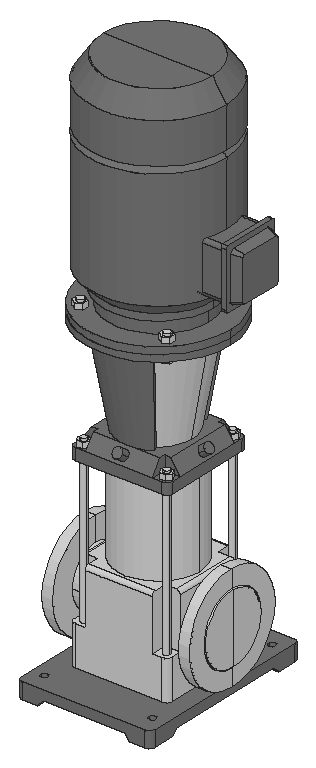
Revit family "TESK_Насос вертикальный_SVM(T)-120", category Оборудование, Revit 2019
Family settings
  Размер круглого соединителя = Использовать диаметр
  Классификация = Насос
  Тип детали = Вставляется
  На основе рабочей плоскости = Нет
  Всегда вертикально = Да
  При загрузке вырезать с полостями = Нет
  Общий = Нет
  Точка расчета площади = Нет
Parameters (values of type "Загрузите каталог типоразмеров TXT")
  Толщина_ФланцаДвигателя = Двигатель_Высота * 0.03  # 17.4 mm
  Таблица_Поиска = "TESK_SVM(T)-120"  # constant formula
  Производитель_Контакты = "info@teskpump.ru"
  Напор максимальный = 0
  Материал_КорпусУлитка = TESK_Нержавеющая сталь
  Материал_КорпусДвигателя = TESK_Черный_Ребра_Условный
  Материал_2 = TESK_Нержавеющая сталь
  Материал_1 = TESK_Черный_Условный
  Высота_Башня = size_lookup(Таблица_Поиска, "A5", 300 mm, ADSK_Марка)  # 300 mm
  Высота_Корпуса = size_lookup(Таблица_Поиска, "A1", 840 mm, ADSK_Марка)  # 840 mm
  Watermark [instance] = "Модели защищены уникальным кодом"
  URL = "www.teskpump.ru"
  D_Башня = Двигатель_Ширина * 0.75  # 262.5 mm
  ADSK_Свободный напор жидкости [instance] = 0.0 Pa
  ADSK_Расход жидкости [instance] = 0.0 L/s
  ADSK_Полная мощность = ADSK_Номинальная мощность * ADSK_Коэффициент мощности  # 0 kVA
  ADSK_Номинальная мощность = size_lookup(Таблица_Поиска, "Pow", 0 kW, ADSK_Марка)  # 0 kW
  ADSK_Напряжение = 400 V
  ADSK_Наименование краткое = "Вертикальный многоступенчатый центробежный насос"  # constant formula
  ADSK_Наименование = size_lookup(Таблица_Поиска, "Name", "Не найдено: Насос TESK SVM(T)-120", ADSK_Марка)  # "Не найдено: Насос TESK SVM(T)-120"
  ADSK_Масса_Текст = size_lookup(Таблица_Поиска, "mass_t", "Не найдено: Насос TESK SVM(T)-120", ADSK_Марка)  # "Не найдено: Насос TESK SVM(T)-120"
  ADSK_Масса = size_lookup(Таблица_Поиска, "mass", 0, ADSK_Марка)  # 0
  ADSK_Марка = "Загрузите каталог типоразмеров TXT"
  ADSK_Коэффициент мощности = 1
  ADSK_Количество фаз числовое = ADSK_Количество фаз  # 3
  ADSK_Количество фаз = if(ADSK_Напряжение = 230 V, 1, 3)  # 3
  ADSK_Количество = 1  # constant formula
  ADSK_Код изделия = size_lookup(Таблица_Поиска, "code", "Не найдено: Насос TESK SVM(T)-120", ADSK_Марка)  # "Не найдено: Насос TESK SVM(T)-120"
  ADSK_Классификация нагрузок = Прочее
  ADSK_Завод-изготовитель = "TESK"  # constant formula
  ADSK_Единица измерения = "шт."  # constant formula
  ADSK_Диаметр условный = 125 mm  # constant formula
  ADSK_Версия семейства = "1.0"  # constant formula
  ADSK_Версия Revit = "2019"  # constant formula
  Фланец_Толщина = 30 mm  # constant formula
  УГО_Длина = 380 mm  # constant formula
  Двигатель_Ширина = size_lookup(Таблица_Поиска, "A3", 350 mm, ADSK_Марка)  # 350 mm
  Двигатель_ОтступКоробки = size_lookup(Таблица_Поиска, "A4", 260 mm, ADSK_Марка)  # 260 mm
  Двигатель_Высота = size_lookup(Таблица_Поиска, "A2", 580 mm, ADSK_Марка)  # 580 mm
Reference planes
  plane 1 "По центру (Вперед/Назад)": y = 0
  plane 2: z = 0
  plane 3 "По центру (Влево/Вправо)": x = 0
  plane 4: x = -190
  plane 5: x = 190
  plane 6: x = -160
  plane 7: x = 160
  plane 8: z = -180
  plane 9: z = 660
  plane 10: z = 360
  plane 11: z = 332
  plane 12: x = -125
  plane 13: y = 125
  plane 14: x = 125
  plane 15: y = -125
  plane 16: x = -105
  plane 17: x = 105
  plane 18: y = -105
  plane 19: y = 105
  plane 20: z = 378
  plane 21: z = -140
  plane 22: x = -170
  plane 23: x = 170
  plane 24: y = -236
  plane 25: y = 236
  plane 26: z = -165
  plane 27: x = -117.5
  plane 28: x = 117.5
  plane 29: y = -236
  plane 30: y = 236
  plane 31: x = -170
  plane 32: x = 170
  plane 33: y = -170
  plane 34: y = 170
  plane 35: z = -165
  plane 36: x = -137.5
  plane 37: x = 137.5
  plane 38: y = -190
  plane 39: y = 190
  plane 40: z = 100
  plane 41: x = -125
  plane 42: x = 125
  plane 43: y = -125
  plane 44: y = 125
  plane 45: x = -125
  plane 46: x = 125
  plane 47: y = -125
  plane 48: y = 125
  plane 49: x = -85
  plane 50: x = 85
  plane 51: y = -85
  plane 52: y = 85
  plane 53: z = -40
  plane 54: x = -105
  plane 55: x = 105
  plane 56: y = -105
  plane 57: y = 105
  plane 58: x = -125
  plane 59: x = 125
  plane 60: y = -125
  plane 61: y = 125
  plane 62: x = -100
  plane 63: x = 100
  plane 64: y = -100
  plane 65: y = 100
  plane 66: z = 395
  plane 67: z = 642.6
  plane 68: x = -86
  plane 69: x = -131.25
  plane 70: x = 131.25
  plane 71: x = -100
  plane 72: x = -145.25
  plane 73: x = 86
  plane 74: x = 131.25
  plane 75: x = -131.25
  plane 76: x = 100
  plane 77: x = 145.25
  plane 78: x = -115
  plane 79: z = 90
  plane 80: x = -125
Forms (mm)
  Extrusion 1, solid, material "TESK_Нержавеющая сталь" <- "Материал_КорпусУлитка", detail levels fine
    sketch origin (0, 0, 0) x (0, 1, 0) y (0, 0, 1)
      loop
        circle (0, 0) r 75
    from -160 to 160
  Extrusion 2, solid, material "TESK_Черный_Условный" <- "Материал_1", detail levels fine
    sketch origin (0, 0, 0) x (1, 0, 0) y (0, 1, 0)
      loop
        line (-125, 110) -> (-125, -110)
        arc (-125, -110) -> (-120.607, -120.607) -> (-110, -125) r 15
        line (-110, -125) -> (110, -125)
        arc (110, -125) -> (120.607, -120.607) -> (125, -110) r 15
        line (125, -110) -> (125, 110)
        arc (125, 110) -> (120.607, 120.607) -> (110, 125) r 15
        line (110, 125) -> (-110, 125)
        arc (-110, 125) -> (-120.607, 120.607) -> (-125, 110) r 15
    from 332 to 360
  Extrusion 3, solid, material "TESK_Нержавеющая сталь" <- "Материал_2", detail levels fine
    sketch origin (0, 0, 0) x (1, 0, 0) y (0, 1, 0)
      loop
        circle (-105, 105) r 8
      loop
        circle (105, 105) r 8
      loop
        circle (-105, -105) r 8
      loop
        circle (105, -105) r 8
    from -40 to 378
  Extrusion 4, solid, material "TESK_Черный_Условный" <- "Материал_1", detail levels fine
    sketch origin (0, 0, 0) x (1, 0, 0) y (0, 1, 0)
      loop
        line (-170, 221) -> (-170, -221)
        arc (-170, -221) -> (-165.607, -231.607) -> (-155, -236) r 15
        line (-155, -236) -> (155, -236)
        arc (155, -236) -> (165.607, -231.607) -> (170, -221) r 15
        line (170, -221) -> (170, 221)
        arc (170, 221) -> (165.607, 231.607) -> (155, 236) r 15
        line (155, 236) -> (-155, 236)
        arc (-155, 236) -> (-165.607, 231.607) -> (-170, 221) r 15
    from -180 to -140
  Extrusion 5, void
    sketch origin (0, 0, 0) x (1, 0, 0) y (0, 0, 1)
      loop
        line (-102.5, -165) -> (-117.5, -180) -> (117.5, -180) -> (102.5, -165) -> (-102.5, -165)
    from -236 to 236
  Extrusion 6, void
    sketch origin (0, 0, 0) x (0, 1, 0) y (0, 0, 1)
      loop
        line (-155, -165) -> (-170, -180) -> (170, -180) -> (155, -165) -> (-155, -165)
    from -170 to 170
  Extrusion 7, void
    sketch origin (0, 0, 0) x (1, 0, 0) y (0, 1, 0)
      loop
        circle (-137.5, 190) r 9
      loop
        circle (137.5, 190) r 9
      loop
        circle (137.5, -190) r 9
      loop
        circle (-137.5, -190) r 9
    from -140 to -180
  Extrusion 8, solid, material "TESK_Нержавеющая сталь" <- "Материал_КорпусУлитка", detail levels fine
    sketch origin (0, 0, 0) x (1, 0, 0) y (0, 1, 0)
      loop
        arc (-110, 125) -> (-120.607, 120.607) -> (-125, 110) r 15
        line (-125, 110) -> (-125, -110)
        arc (-125, -110) -> (-120.607, -120.607) -> (-110, -125) r 15
        line (-110, -125) -> (110, -125)
        arc (110, -125) -> (120.607, -120.607) -> (125, -110) r 15
        line (125, -110) -> (125, 110)
        arc (125, 110) -> (120.607, 120.607) -> (110, 125) r 15
        line (110, 125) -> (-110, 125)
    from -140 to 100
  Extrusion 9, void
    sketch origin (0, 0, 0) x (1, 0, 0) y (0, 1, 0)
      loop
        line (-125, 85) -> (-85, 85) -> (-85, 125) -> (-125, 125) -> (-125, 85)
      loop
        line (85, 85) -> (125, 85) -> (125, 125) -> (85, 125) -> (85, 85)
      loop
        line (-125, -85) -> (-125, -125) -> (-85, -125) -> (-85, -85) -> (-125, -85)
      loop
        line (85, -85) -> (85, -125) -> (125, -125) -> (125, -85) -> (85, -85)
    from -40 to 395
  Extrusion 10, solid, material "TESK_Нержавеющая сталь" <- "Материал_2", detail levels fine
    sketch origin (0, 0, 0) x (1, 0, 0) y (0, 1, 0)
      loop
        circle (0, 0) r 105
    from 100 to 332
  Blend 11, solid, material "TESK_Черный_Условный" <- "Материал_1", detail levels fine
    base sketch origin (0, 0, 0) x (1, 0, 0) y (0, 1, 0)
      loop
        line (-125, 125) -> (-125, -125) -> (125, -125) -> (125, 125) -> (-125, 125)
    top sketch origin (0, 0, 0) x (1, 0, 0) y (0, 1, 0)
      loop
        line (-100, 100) -> (-100, -100) -> (100, -100) -> (100, 100) -> (-100, 100)
    from 360 to 395
  Blend 12, solid, material "TESK_Нержавеющая сталь" <- "Материал_2", detail levels fine
    base sketch origin (0, 0, 0) x (1, 0, 0) y (0, 1, 0)
      loop
        circle (0, 0) r 86
    top sketch origin (0, 0, 0) x (1, 0, 0) y (0, 1, 0)
      loop
        circle (0, 0) r 131.25
    from 395 to 642.6
  Revolve 13, solid, material "TESK_Черный_Условный" <- "Материал_1", detail levels fine
    sketch origin (0, 0, 0) x (1, 0, 0) y (0, 0, 1)
      loop
        line (-145.25, 642.6) -> (-100, 395) -> (-86, 395) -> (-131.25, 642.6) -> (-145.25, 642.6)
      axis (0, 395) -> (0, 642.6)
    angle from 125 to 55
  Revolve 14, solid, material "TESK_Черный_Условный" <- "Материал_1", detail levels fine
    sketch origin (0, 0, 0) x (-1, 0, 0) y (0, 0, 1)
      loop
        line (-145.25, 642.6) -> (-100, 395) -> (-86, 395) -> (-131.25, 642.6) -> (-145.25, 642.6)
      axis (0, 395) -> (0, 642.6)
    angle from -125 to -55
  Sweep 15, void
    path in 3D
      loop
        arc (-125, -110, 100) -> (-120.607, -120.607, 100) -> (-110, -125, 100) r 15
        line (-110, -125, 100) -> (110, -125, 100)
        arc (110, -125, 100) -> (120.607, -120.607, 100) -> (125, -110, 100) r 15
        line (125, -110, 100) -> (125, 110, 100)
        arc (125, 110, 100) -> (120.607, 120.607, 100) -> (110, 125, 100) r 15
        line (110, 125, 100) -> (-110, 125, 100)
        arc (-110, 125, 100) -> (-120.607, 120.607, 100) -> (-125, 110, 100) r 15
        line (-125, 110, 100) -> (-125, -110, 100)
    profile origin (-125, 0, 100) x (1, 0, 0) y (0, 0, 1)
      loop
        arc (0, -10) -> (2.929, -2.929) -> (10, 0) r 10
        line (10, 0) -> (0, 0) -> (0, -10)
Cuts and joins
  Extrusion 5, Extrusion 6, Extrusion 7 cuts Extrusion 4
  Extrusion 9, Sweep 15 cuts Extrusion 8
  Extrusion 9 cuts Blend 11
Lines and regions (mm)
  sketch lines
    curve 1: line (-125, 110, 100) -> (-125, -110, 100)
    curve 2: arc (-125, 110, 100) -> (-120.607, 120.607, 100) -> (-110, 125, 100) r 15
    curve 3: line (110, 125, 100) -> (-110, 125, 100)
    curve 4: arc (110, 125, 100) -> (120.607, 120.607, 100) -> (125, 110, 100) r 15
    curve 5: line (125, -110, 100) -> (125, 110, 100)
    curve 6: arc (125, -110, 100) -> (120.607, -120.607, 100) -> (110, -125, 100) r 15
    curve 7: line (-110, -125, 100) -> (110, -125, 100)
    curve 8: arc (-110, -125, 100) -> (-120.607, -120.607, 100) -> (-125, -110, 100) r 15
Dimensions and locks
  locked: plane 3 "По центру (Влево/Вправо)" to plane 4 at 190
  locked: plane 5 to plane 3 "По центру (Влево/Вправо)" at 190
  locked: plane 2 to plane 8 at 180
  "Высота_Башня": plane 9 to plane 10
  locked: plane 10 to plane 11 at 28
  equal spacing: plane 12, plane 3 "По центру (Влево/Вправо)", plane 14
  equal spacing: plane 13, plane 1 "По центру (Вперед/Назад)", plane 15
  locked: plane 15 to plane 1 "По центру (Вперед/Назад)" at 125
  locked: plane 12 to plane 3 "По центру (Влево/Вправо)" at 125
  equal spacing: plane 16, plane 3 "По центру (Влево/Вправо)", plane 17
  locked: plane 16 to plane 3 "По центру (Влево/Вправо)" at 105
  equal spacing: plane 19, plane 1 "По центру (Вперед/Назад)", plane 18
  locked: plane 19 to plane 1 "По центру (Вперед/Назад)" at 105
  locked: plane 20 to plane 10 at 18
  locked: plane 21 to plane 8 at 40
  equal spacing: plane 22, plane 3 "По центру (Влево/Вправо)", plane 23
  locked: plane 22 to plane 3 "По центру (Влево/Вправо)" at 170
  equal spacing: plane 25, plane 1 "По центру (Вперед/Назад)", plane 24
  locked: plane 25 to plane 1 "По центру (Вперед/Назад)" at 236
  locked: plane 26 to plane 8 at 15
  equal spacing: plane 28, plane 3 "По центру (Влево/Вправо)", plane 27
  equal spacing: plane 29, plane 1 "По центру (Вперед/Назад)", plane 30
  locked: plane 29 to plane 1 "По центру (Вперед/Назад)" at 236
  equal spacing: plane 32, plane 3 "По центру (Влево/Вправо)", plane 31
  locked: plane 3 "По центру (Влево/Вправо)" to plane 31 at 170
  equal spacing: plane 33, plane 1 "По центру (Вперед/Назад)", plane 34
  locked: plane 35 to plane 8 at 15
  equal spacing: plane 36, plane 3 "По центру (Влево/Вправо)", plane 37
  equal spacing: plane 39, plane 1 "По центру (Вперед/Назад)", plane 38
  locked: plane 39 to plane 1 "По центру (Вперед/Назад)" at 190
  locked: plane 3 "По центру (Влево/Вправо)" to plane 37 at 137.5
  locked: plane 40 to plane 21 at 240
  equal spacing: plane 41, plane 3 "По центру (Влево/Вправо)", plane 42
  equal spacing: plane 44, plane 1 "По центру (Вперед/Назад)", plane 43
  locked: plane 43 to plane 1 "По центру (Вперед/Назад)" at 125
  locked: plane 3 "По центру (Влево/Вправо)" to plane 42 at 125
  equal spacing: plane 48, plane 1 "По центру (Вперед/Назад)", plane 47
  equal spacing: plane 45, plane 3 "По центру (Влево/Вправо)", plane 46
  locked: plane 45 to plane 3 "По центру (Влево/Вправо)" at 125
  locked: plane 48 to plane 1 "По центру (Вперед/Назад)" at 125
  locked: plane 48 to plane 52 at 40
  locked: plane 51 to plane 47 at 40
  locked: plane 45 to plane 49 at 40
  locked: plane 50 to plane 46 at 40
  locked: plane 2 to plane 53 at 40
  equal spacing: plane 57, plane 1 "По центру (Вперед/Назад)", plane 56
  locked: plane 57 to plane 1 "По центру (Вперед/Назад)" at 105
  equal spacing: plane 54, plane 3 "По центру (Влево/Вправо)", plane 55
  locked: plane 3 "По центру (Влево/Вправо)" to plane 55 at 105
  equal spacing: plane 61, plane 1 "По центру (Вперед/Назад)", plane 60
  equal spacing: plane 58, plane 3 "По центру (Влево/Вправо)", plane 59
  locked: plane 58 to plane 3 "По центру (Влево/Вправо)" at 125
  locked: plane 1 "По центру (Вперед/Назад)" to plane 61 at 125
  equal spacing: plane 62, plane 3 "По центру (Влево/Вправо)", plane 63
  equal spacing: plane 65, plane 1 "По центру (Вперед/Назад)", plane 64
  locked: plane 1 "По центру (Вперед/Назад)" to plane 65 at 100
  locked: plane 62 to plane 3 "По центру (Влево/Вправо)" at 100
  locked: plane 66 to plane 10 at 35
  "Толщина_ФланцаДвигателя": plane 9 to plane 67
  equal spacing: plane 70, plane 3 "По центру (Влево/Вправо)", plane 69
  "D_Башня": plane 70 to plane 69
  locked: plane 3 "По центру (Влево/Вправо)" to plane 68 at 86
  locked: plane 69 to plane 72 at 14
  locked: plane 68 to plane 71 at 14
  "D_Башня": plane 75 to plane 74
  locked: plane 74 to plane 77 at 14
  locked: plane 73 to plane 76 at 14
  equal spacing: plane 75, plane 3 "По центру (Влево/Вправо)", plane 74
  locked: plane 73 to plane 3 "По центру (Влево/Вправо)" at 86
  "Фланец_Толщина": plane 6 to plane 4
  "Фланец_Толщина": plane 5 to plane 7
  locked: plane 3 "По центру (Влево/Вправо)" to plane 27 at 117.5
  "Высота_Корпуса": plane 9 to plane 8
  locked: plane 33 to plane 1 "По центру (Вперед/Назад)" at 170
  locked: plane 80 to plane 3 "По центру (Влево/Вправо)" at 125
  locked: plane 80 to plane 78 at 10
  locked: plane 40 to plane 79 at 10
  diameter of Extrusion 1 sketch curve = 150 mm
  radius of Extrusion 2 sketch curve = 15 mm  (x4)
  diameter of Extrusion 3 sketch curve = 16 mm  (x4)
  radius of Extrusion 4 sketch curve = 15 mm  (x4)
  diameter of Extrusion 7 sketch curve = 18 mm  (x4)
  radius of Extrusion 8 sketch curve = 15 mm  (x4)
  diameter of Blend 12 sketch curve = 172 mm
  "D_Башня": diameter of Blend 12 sketch curve
  diameter of Extrusion 10 sketch curve = 210 mm
  radius of Sweep 15 sketch curve = 10 mm
  locked: Extrusion 5 sketch curve to plane 27 (angle 45.00°)
  locked: plane 28 to Extrusion 5 sketch curve (angle 45.00°)
  locked: Extrusion 6 sketch curve to plane 33 (angle 45.00°)
  locked: plane 34 to Extrusion 6 sketch curve (angle 45.00°)
  aligned and locked: level to plane 2
  aligned and locked: plane 1 "По центру (Вперед/Назад)" to nested 1
  aligned and locked: nested 2 to plane 1 "По центру (Вперед/Назад)"
  aligned and locked: plane 4 to nested 1
  aligned and locked: nested 2 to plane 5
  aligned and locked: Extrusion 1 to plane 6
  aligned and locked: Extrusion 1 to plane 7
  aligned and locked: Extrusion 2 sketch curve to plane 12
  aligned and locked: Extrusion 2 sketch curve to plane 13
  aligned and locked: Extrusion 2 sketch curve to plane 14
  aligned and locked: Extrusion 2 sketch curve to plane 15
  aligned and locked: plane 10 to Extrusion 2
  aligned and locked: Extrusion 2 to plane 11
  aligned and locked: plane 19 to Extrusion 3 sketch curve  (x2)
  aligned and locked: plane 16 to Extrusion 3 sketch curve  (x2)
  aligned and locked: plane 17 to Extrusion 3 sketch curve  (x2)
  aligned and locked: plane 18 to Extrusion 3 sketch curve  (x2)
  aligned and locked: Extrusion 3 to plane 20
  aligned and locked: plane 3 "По центру (Влево/Вправо)" to nested 3
  aligned and locked: plane 1 "По центру (Вперед/Назад)" to nested 3
  aligned and locked: plane 9 to nested 3
  aligned and locked: Extrusion 4 sketch curve to plane 22
  aligned and locked: Extrusion 4 sketch curve to plane 25
  aligned and locked: Extrusion 4 sketch curve to plane 23
  aligned and locked: Extrusion 4 sketch curve to plane 24
  aligned and locked: plane 21 to Extrusion 4
  aligned and locked: Extrusion 4 to plane 8
  aligned and locked: Extrusion 5 sketch curve to plane 26
  aligned and locked: Extrusion 5 sketch curve to plane 27
  aligned and locked: Extrusion 5 sketch curve to plane 8
  aligned and locked: Extrusion 5 sketch curve to plane 28
  aligned and locked: plane 8 to Extrusion 5 sketch curve
  aligned and locked: plane 29 to Extrusion 5
  aligned and locked: Extrusion 5 to plane 30
  aligned and locked: Extrusion 6 sketch curve to plane 35
  aligned and locked: Extrusion 6 sketch curve to plane 8
  aligned and locked: Extrusion 6 sketch curve to plane 34
  aligned and locked: plane 8 to Extrusion 6 sketch curve
  aligned and locked: Extrusion 6 sketch curve to plane 33
  aligned and locked: Extrusion 6 to plane 31
  aligned and locked: Extrusion 6 to plane 32
  aligned and locked: plane 39 to Extrusion 7 sketch curve  (x2)
  aligned and locked: plane 36 to Extrusion 7 sketch curve  (x2)
  aligned and locked: plane 37 to Extrusion 7 sketch curve
  aligned and locked: plane 38 to Extrusion 7 sketch curve  (x2)
  aligned and locked: Extrusion 7 sketch curve to plane 37
  aligned and locked: Extrusion 7 to plane 21
  aligned and locked: Extrusion 7 to plane 8
  aligned and locked: Extrusion 8 sketch curve to plane 44
  aligned and locked: Extrusion 8 sketch curve to plane 41
  aligned and locked: Extrusion 8 sketch curve to plane 42
  aligned and locked: Extrusion 8 sketch curve to plane 43
  aligned and locked: Extrusion 8 to plane 21
  aligned and locked: plane 40 to Extrusion 8
  aligned and locked: Extrusion 9 sketch curve to plane 52  (x2)
  aligned and locked: Extrusion 9 sketch curve to plane 45
  aligned and locked: Extrusion 9 sketch curve to plane 48  (x2)
  aligned and locked: Extrusion 9 sketch curve to plane 49
  aligned and locked: Extrusion 9 sketch curve to plane 50
  aligned and locked: Extrusion 9 sketch curve to plane 46
  aligned and locked: plane 45 to Extrusion 9 sketch curve
  aligned and locked: Extrusion 9 sketch curve to plane 47  (x2)
  aligned and locked: plane 49 to Extrusion 9 sketch curve
  aligned and locked: Extrusion 9 sketch curve to plane 51  (x2)
  aligned and locked: plane 50 to Extrusion 9 sketch curve
  aligned and locked: plane 46 to Extrusion 9 sketch curve
  aligned and locked: Extrusion 9 to plane 53
  aligned and locked: Extrusion 10 to plane 40
  aligned and locked: plane 11 to Extrusion 10
  aligned and locked: nested 4 to plane 10
  aligned and locked: nested 4 to plane 54
  aligned and locked: plane 56 to nested 4
  aligned and locked: Extrusion 3 to plane 53
  aligned and locked: nested 5 to plane 55
  aligned and locked: nested 5 to plane 56
  aligned and locked: plane 55 to nested 7
  aligned and locked: nested 7 to plane 57
  aligned and locked: plane 54 to nested 6
  aligned and locked: plane 57 to nested 6
  aligned and locked: plane 10 to nested 5
  aligned and locked: nested 7 to plane 10
  aligned and locked: plane 10 to nested 6
  aligned and locked: Blend 11 sketch curve to plane 58
  aligned and locked: Blend 11 sketch curve to plane 61
  aligned and locked: Blend 11 sketch curve to plane 60
  aligned and locked: Blend 11 sketch curve to plane 59
  aligned and locked: Blend 11 sketch curve to plane 65
  aligned and locked: Blend 11 sketch curve to plane 62
  aligned and locked: Blend 11 sketch curve to plane 63
  aligned and locked: Blend 11 sketch curve to plane 64
  aligned and locked: Blend 11 to plane 10
  aligned and locked: plane 66 to Extrusion 9
  aligned and locked: plane 66 to Blend 11
  aligned and locked: plane 3 "По центру (Влево/Вправо)" to Blend 12 sketch curve  (x2)
  aligned and locked: plane 1 "По центру (Вперед/Назад)" to Blend 12 sketch curve  (x2)
  aligned and locked: Blend 12 to plane 66
  aligned and locked: plane 67 to Blend 12
  aligned and locked: plane 3 "По центру (Влево/Вправо)" to Revolve 13 sketch curve
  aligned and locked: Revolve 13 sketch curve to plane 67
  aligned and locked: Revolve 13 sketch curve to plane 66
  aligned and locked: plane 71 to Revolve 13 sketch curve
  aligned and locked: plane 68 to Revolve 13 sketch curve
  aligned and locked: plane 72 to Revolve 13 sketch curve
  aligned and locked: plane 69 to Revolve 13 sketch curve
  aligned and locked: plane 66 to Revolve 14 sketch curve
  aligned and locked: Revolve 14 sketch curve to plane 76
  aligned and locked: Revolve 14 sketch curve to plane 73
  aligned and locked: plane 67 to Revolve 14 sketch curve
  aligned and locked: Revolve 14 sketch curve to plane 77
  aligned and locked: Revolve 14 sketch curve to plane 74
  aligned and locked: plane 3 "По центру (Влево/Вправо)" to Revolve 14 sketch curve
  aligned and locked: nested 8 to plane 1 "По центру (Вперед/Назад)"
  aligned and locked: nested 8 to plane 3 "По центру (Влево/Вправо)"
  aligned and locked: nested 9 to plane 1 "По центру (Вперед/Назад)"
  aligned and locked: plane 2 to nested 9
  aligned and locked: nested 9 to plane 3 "По центру (Влево/Вправо)"
  aligned and locked: plane 3 "По центру (Влево/Вправо)" to Extrusion 10 sketch curve
  aligned and locked: plane 1 "По центру (Вперед/Назад)" to Extrusion 10 sketch curve
  aligned and locked: plane 3 "По центру (Влево/Вправо)" to nested 10
  aligned and locked: Sweep 15 sketch curve to plane 80
  aligned and locked: Sweep 15 sketch curve to plane 40
  aligned and locked: nested 11 to plane 1 "По центру (Вперед/Назад)"
Automatic sketch dimensions
  Extrusion 1 sketch curve to level = 0 mm
  Extrusion 1 sketch curve to plane 1 "По центру (Вперед/Назад)" = 0 mm
  Sweep 15 sketch curve to plane 79 = 0 mm
  plane 78 to Sweep 15 sketch curve = 0 mm
  Sweep 15 sketch curve to Sweep 15 sketch curve = 0 mm
  profile plane to Sweep 15 sketch curve = 0 mm
  plane 66 to Revolve 13 sketch curve = 50 mm
  Revolve 13 sketch curve to plane 67 = 33.01 mm
  Revolve 14 sketch curve to plane 66 = 50 mm
  plane 67 to Revolve 14 sketch curve = 33.01 mm
Nested families
  nested 1: "Фланец_Круглый" at (-160, 0, 0), Толщина_Фланца <- "Фланец_Толщина", ADSK_Материал <- "Материал_КорпусУлитка", type "Фланец_Круглый", detail levels fine
    with Толщина_Фланца 30 mm, Толщина_Зеркала 3 mm, Dнар_Фланца 270 mm, D_Зеркала 175 mm, ADSK_Материал TESK_Нержавеющая сталь
  nested 2: "Фланец_Круглый" at (160, 0, 0) x (-1, 0, 0) z (0, 0, 1), Толщина_Фланца <- "Фланец_Толщина", ADSK_Материал <- "Материал_КорпусУлитка", type "Фланец_Круглый", detail levels fine
    with Толщина_Фланца 30 mm, Толщина_Зеркала 3 mm, Dнар_Фланца 270 mm, D_Зеркала 175 mm, ADSK_Материал TESK_Нержавеющая сталь
  nested 3: "Электродвигатель" at (0, 0, 660), Материал_Метизы <- "Материал_2", Материал_Основной <- "Материал_1", Материал_Ребра <- "Материал_КорпусДвигателя", Высота_Двигателя <- "Двигатель_Высота", Отступ_Коробка <- "Двигатель_ОтступКоробки", Ширина_Двигателя <- "Двигатель_Ширина", type "Электродвигатель", detail levels fine
    with Ширина_Коробки 130 mm, Ширина_Двигателя 350 mm, Толщина_ШляпкаБолта 11.025 mm, Толщина_Фланца 17.4 mm, Толщина_КрышкаКоробки 39 mm, Толщина_Гайки 13.781 mm, Отступ_Коробка 260 mm, Материал_Ребра TESK_Черный_Ребра_Условный, Материал_Основной TESK_Черный_Условный, Материал_Метизы TESK_Нержавеющая сталь, Коробка_Начало 116 mm, Длина_МеждуБолтами 220.5 mm, Выступ_КрышкаКоробки 10.4 mm, Высота_Двигателя 580 mm, Вылет_Болтов 17.916 mm, r2 140 mm, r1 129.5 mm, l3 5.2 mm, l2 9.1 mm, l1 9.1 mm, h6 35 mm, h5 52.2 mm, h4 174 mm, h3 156.6 mm, h2 52.2 mm, h1 34.8 mm, S_Метизы 27.563 mm, R_Верхушка 17.4 mm, R_2 5.2 mm, R_1 9.1 mm, D_Фланец 367.5 mm, D_Болты 18.375 mm
  nested 4: "Гайка_Условная" at (-105, -105, 360) x (-1, 0, 0) z (0, 0, 1), Материал1 <- "Материал_2", type "Гайка_Условная", detail levels fine
    with Толщина_Гайка 14 mm, Материал1 TESK_Нержавеющая сталь, S_Гайка 26 mm, D_Вн 16 mm
  nested 5: "Гайка_Условная" at (105, -105, 360), Материал1 <- "Материал_2", type "Гайка_Условная", detail levels fine
    with Толщина_Гайка 14 mm, Материал1 TESK_Нержавеющая сталь, S_Гайка 26 mm, D_Вн 16 mm
  nested 6: "Гайка_Условная" at (-105, 105, 360) x (-1, 0, 0) z (0, 0, 1), Материал1 <- "Материал_2", type "Гайка_Условная", detail levels fine
    with Толщина_Гайка 14 mm, Материал1 TESK_Нержавеющая сталь, S_Гайка 26 mm, D_Вн 16 mm
  nested 7: "Гайка_Условная" at (105, 105, 360), Материал1 <- "Материал_2", type "Гайка_Условная", detail levels fine
    with Толщина_Гайка 14 mm, Материал1 TESK_Нержавеющая сталь, S_Гайка 26 mm, D_Вн 16 mm
  nested 8: "Вл_УГО_Насос_2D" at (0, 0, 0) x (-1, 0, 0) z (0, 0, 1), L_УГО <- "УГО_Длина", type "Вл_УГО_Насос_2D", detail levels coarse+medium
    with L_УГО 380 mm
  nested 9: "Вл_УГО_Насос_3D" at (0, 0, 0) x (-1, 0, 0) z (0, -1, 0), L_УГО <- "УГО_Длина", type "Вл_УГО_Насос_3D", detail levels coarse+medium
    with L_УГО 380 mm
  nested 10: "Бобышка_Условная" at (0, -112.5, 377.5) x (1, 0, 0) z (0, -0.8137, 0.5812), Материал <- "Материал_1", type "Бобышка_Условная", detail levels fine
    with Материал TESK_Черный_Условный, Длина 20 mm, Диаметр 25.3 mm
  nested 11: "Бобышка_Условная" at (112.5, 0, 377.5) x (0, 1, 0) z (0.8137, 0, 0.5812), Материал <- "Материал_1", type "Бобышка_Условная", detail levels fine
    with Материал TESK_Черный_Условный, Длина 20 mm, Диаметр 25.3 mm
Connectors
  electrical at (0, 0, 1083.4), driven by "ADSK_Количество фаз", driven by "ADSK_Классификация нагрузок", driven by "ADSK_Напряжение", driven by "ADSK_Полная мощность", driven by "ADSK_Коэффициент мощности"
    settings: on nested 3, index 1, voltage 400 V, apparent load 0 kVA, apparent load phase1 0 kVA, apparent load phase2 0 kVA, apparent load phase3 0 kVA, power factor 1, load classification "Прочее", number of poles 3, system type 30, power factor state 1, is connector primary yes, connector utility no, sub classification motor no, connector description ""
  piping at (-190, 0, 0), diameter 125, driven by "ADSK_Диаметр условный", driven by "ADSK_Расход жидкости"
    settings: on nested 1, index 2, connector inside diameter 609.6 mm, connector length 0 mm, flow factor 0, pipe flow 0.0 L/s, pressure drop 0.0 Pa, fitting loss kfactor 0, connector angle 0.00°, fixture units 0, engagement length 0 mm, angle of deflection 0.00°, flow configuration 0, flow direction 1, fitting loss method 0, system type 29, joint type 0, gender type 0, connector reference index -1, connector utility 0, adjustable connector no, is connector primary yes, connector description ""
  piping at (190, 0, 0), diameter 125, driven by "ADSK_Диаметр условный", driven by "ADSK_Расход жидкости"
    settings: on nested 2, index 3, connector inside diameter 609.6 mm, connector length 0 mm, flow factor 0, pipe flow 0.0 L/s, pressure drop 0.0 Pa, fitting loss kfactor 0, connector angle 0.00°, fixture units 0, engagement length 0 mm, angle of deflection 0.00°, flow configuration 0, flow direction 2, fitting loss method 0, system type 29, joint type 0, gender type 0, connector reference index -1, connector utility 0, adjustable connector no, is connector primary no, connector description ""
Definition of nested family "Фланец_Круглый"
  Parameters (values of type "Фланец_Круглый")
    Толщина_Фланца [instance] = 30 mm
    Толщина_Зеркала [instance] = 2 mm
    Dнар_Фланца [instance] = 200 mm
    D_Зеркала [instance] = 90 mm
    ADSK_Материал [instance] = none
  Reference planes
    plane 1 "По центру (Вперед/Назад)": y = 0
    plane 2: z = 0
    plane 3 "По центру (Влево/Вправо)": x = 0
    plane 4: z = 100
    plane 5: z = -100
    plane 6: x = -30
    plane 7: x = -28
    plane 8: z = 45
    plane 9: z = -45
  Forms (mm)
    Revolve 1, solid, material <- "ADSK_Материал"
      sketch origin (0, 0, 0) x (1, 0, 0) y (0, 0, 1)
        loop
          line (0, 100) -> (-28, 100) -> (-28, 0) -> (0, 0) -> (0, 100)
        axis (-28, 0) -> (0, 0)
      angle from 0 to 360
    Revolve 2, solid, material <- "ADSK_Материал"
      sketch origin (0, 0, 0) x (1, 0, 0) y (0, 0, 1)
        loop
          line (-28, 47) -> (-30, 45) -> (-30, 0) -> (-28, 0) -> (-28, 47)
        axis (-30, 0) -> (-28, 0)
      angle from 0 to 360
  Cuts and joins
    joined: Revolve 1, Revolve 2
  Dimensions and locks
    equal spacing: plane 4, plane 2, plane 5
    "Dнар_Фланца": plane 4 to plane 5
    "Толщина_Фланца": plane 3 "По центру (Влево/Вправо)" to plane 6
    "Толщина_Зеркала": plane 7 to plane 6
    equal spacing: plane 8, plane 2, plane 9
    "D_Зеркала": plane 8 to plane 9
    locked: Revolve 2 sketch curve to plane 6 (angle 45.00°)
    aligned and locked: level to plane 2
    aligned and locked: Revolve 1 sketch curve to plane 2  (x2)
    aligned and locked: Revolve 1 sketch curve to plane 3 "По центру (Влево/Вправо)"
    aligned and locked: Revolve 1 sketch curve to plane 7
    aligned and locked: Revolve 1 sketch curve to plane 4
    aligned and locked: Revolve 2 sketch curve to plane 2  (x2)
    aligned and locked: Revolve 2 sketch curve to plane 7
    aligned and locked: Revolve 2 sketch curve to plane 6
    aligned and locked: plane 8 to Revolve 2 sketch curve
  Automatic sketch dimensions
    plane 7 to Revolve 1 sketch curve = 5 mm
    Revolve 1 sketch curve to plane 3 "По центру (Влево/Вправо)" = 2 mm
    plane 7 to Revolve 2 sketch curve = 12.352 mm
    Revolve 2 sketch curve to plane 3 "По центру (Влево/Вправо)" = 5.648 mm
Definition of nested family "Электродвигатель"
  Parameters (values of type "Электродвигатель")
    Ширина_Коробки [instance] = Отступ_Коробка * 0.5  # 77.5 mm
    Ширина_Двигателя [instance] = 190 mm
    Толщина_ШляпкаБолта [instance] = S_Метизы * 0.4  # 5.985 mm
    Толщина_Фланца [instance] = Высота_Двигателя * 0.03  # 9.99 mm
    Толщина_КрышкаКоробки [instance] = Отступ_Коробка * 0.15  # 23.25 mm
    Толщина_Гайки [instance] = S_Метизы * 0.5  # 7.481 mm
    Материал_Ребра [instance] = none
    Материал_Основной [instance] = none
    Материал_Метизы [instance] = none
    Коробка_Начало [instance] = Высота_Двигателя * 0.2  # 66.6 mm
    Отступ_Коробка [instance] = 155 mm
    Длина_МеждуБолтами [instance] = D_Фланец * 0.6  # 119.7 mm
    Выступ_КрышкаКоробки [instance] = Ширина_Коробки * 0.08  # 6.2 mm
    Высота_Двигателя [instance] = 333 mm
    Вылет_Болтов [instance] = Толщина_Гайки * 1.3  # 9.726 mm
    r2 [instance] = Ширина_Двигателя * 0.4  # 76 mm
    r1 [instance] = Ширина_Двигателя * 0.37  # 70.3 mm
    l3 [instance] = Ширина_Коробки * 0.04  # 3.1 mm
    l2 [instance] = Ширина_Коробки * 0.07  # 5.425 mm
    l1 [instance] = Ширина_Коробки * 0.07  # 5.425 mm
    h6 [instance] = Ширина_Двигателя / 2 - r2  # 19 mm
    h5 [instance] = Высота_Двигателя * 0.09  # 29.97 mm
    h4 [instance] = Высота_Двигателя * 0.3  # 99.9 mm
    h3 [instance] = Высота_Двигателя * 0.27  # 89.91 mm
    h2 [instance] = Высота_Двигателя * 0.09  # 29.97 mm
    h1 [instance] = Высота_Двигателя * 0.06  # 19.98 mm
    S_Метизы [instance] = D_Болты * 1.5  # 14.962 mm
    R_Верхушка [instance] = h5 / 3  # 9.99 mm
    R_2 [instance] = Ширина_Коробки * 0.04  # 3.1 mm
    R_1 [instance] = Ширина_Коробки * 0.07  # 5.425 mm
    D_Фланец [instance] = Ширина_Двигателя * 1.05  # 199.5 mm
    D_Болты [instance] = D_Фланец * 0.05  # 9.975 mm
  Reference planes
    plane 1 "По центру (Вперед/Назад)": y = 0
    plane 2: z = 0
    plane 3 "По центру (Влево/Вправо)": x = 0
    plane 4: z = 333
    plane 5: x = -95
    plane 6: x = 95
    plane 7: x = 155
    plane 8: z = 9.99
    plane 9: z = -9.99
    plane 10: z = 29.97
    plane 11: z = 39.96
    plane 12: z = 303.03
    plane 13: x = -70.3
    plane 14: x = -76
    plane 15: z = 233.1
    plane 16: x = -93
    plane 17: z = 243.09
    plane 18: x = -69.018
    plane 19: z = 144.1
    plane 20: z = 66.6
    plane 21: y = -38.75
    plane 22: y = 38.75
    plane 23: x = 131.75
    plane 24: x = 139.5
    plane 25: x = 147.25
    plane 26: y = -44.95
    plane 27: z = 150.3
    plane 28: y = 44.95
    plane 29: z = 60.4
    plane 30: x = -59.85
    plane 31: x = 59.85
    plane 32: y = 59.85
    plane 33: y = -59.85
    plane 34: z = -15.975
    plane 35: z = 19.716
    plane 36: z = 72.025
    plane 37: z = 138.675
    plane 38: y = -33.325
    plane 39: y = 33.325
    plane 40: y = -33.325
    plane 41: z = 138.675
    plane 42: z = 72.025
    plane 43: y = 33.325
    plane 44: y = -30.225
    plane 45: z = 135.575
    plane 46: z = 75.125
    plane 47: y = 30.225
    plane 48: z = 17.471
    plane 49: z = 252.1
    plane 50: z = 39.96
    plane 51: x = -76
    plane 52: z = 233.1
    plane 53: z = 252.1
  Forms (mm)
    Revolve 1, solid, material <- "Материал_Основной"
      sketch origin (0, 0, 0) x (1, 0, 0) y (0, 0, 1)
        loop
          line (0, 39.96) -> (-76, 39.96) -> (-76, 29.97) -> (-70.3, 29.97) -> (-70.3, 9.99) -> (0, 9.99) -> (0, 39.96)
        loop
          line (-76, 303.03) -> (-76, 252.1) -> (0, 252.1) -> (0, 333) -> (-74.015, 333) -> (-95, 303.03) -> (-95, 243.09) -> (-93, 243.09) -> (-93, 303.03) -> (-76, 303.03)
        axis (0, 9.99) -> (0, 333)
      angle from 0 to 360
    Extrusion 2, solid, material <- "Материал_Основной"
      sketch origin (0, 0, 0) x (1, 0, 0) y (0, 1, 0)
        loop
          circle (0, 0) r 99.75
      from 0 to -9.99
    Extrusion 3, solid, material <- "Материал_Основной"
      sketch origin (0, 0, 0) x (1, 0, 0) y (0, 1, 0)
        loop
          circle (0, 0) r 99.75
      from 0 to 9.99
    Extrusion 4, solid, material <- "Материал_Основной"
      sketch origin (0, 0, 0) x (0, 1, 0) y (0, 0, 1)
        loop
          line (-38.75, 138.675) -> (-38.75, 72.025)
          arc (-38.75, 72.025) -> (-37.161, 68.189) -> (-33.325, 66.6) r 5.425
          line (-33.325, 66.6) -> (33.325, 66.6)
          arc (33.325, 66.6) -> (37.161, 68.189) -> (38.75, 72.025) r 5.425
          line (38.75, 72.025) -> (38.75, 138.675)
          arc (38.75, 138.675) -> (37.161, 142.511) -> (33.325, 144.1) r 5.425
          line (33.325, 144.1) -> (-33.325, 144.1)
          arc (-33.325, 144.1) -> (-37.161, 142.511) -> (-38.75, 138.675) r 5.425
      from 0 to 131.75
    Extrusion 5, solid, material <- "Материал_Основной"
      sketch origin (0, 0, 0) x (0, 1, 0) y (0, 0, 1)
        loop
          line (-41.85, 60.4) -> (41.85, 60.4)
          arc (41.85, 60.4) -> (44.042, 61.308) -> (44.95, 63.5) r 3.1
          line (44.95, 63.5) -> (44.95, 147.2)
          arc (44.95, 147.2) -> (44.042, 149.392) -> (41.85, 150.3) r 3.1
          line (41.85, 150.3) -> (-41.85, 150.3)
          arc (-41.85, 150.3) -> (-44.042, 149.392) -> (-44.95, 147.2) r 3.1
          line (-44.95, 147.2) -> (-44.95, 63.5)
          arc (-44.95, 63.5) -> (-44.042, 61.308) -> (-41.85, 60.4) r 3.1
      from 131.75 to 139.5
    Extrusion 6, solid, material <- "Материал_Метизы"
      sketch origin (0, 0, 0) x (1, 0, 0) y (0, 1, 0)
        loop
          circle (-59.85, 59.85) r 4.987
        loop
          circle (59.85, 59.85) r 4.987
        loop
          circle (-59.85, -59.85) r 4.987
        loop
          circle (59.85, -59.85) r 4.987
      from 9.99 to 19.716
    Blend 7, solid, material <- "Материал_Основной"
      base sketch origin (0, 0, 0) x (0, 1, 0) y (0, 0, 1)
        loop
          line (-33.325, 144.1) -> (-38.75, 138.675) -> (-38.75, 72.025) -> (-33.325, 66.6) -> (33.325, 66.6) -> (38.75, 72.025) -> (38.75, 138.675) -> (33.325, 144.1) -> (-33.325, 144.1)
      top sketch origin (0, 0, 0) x (0, 1, 0) y (0, 0, 1)
        loop
          line (-30.225, 138.675) -> (-33.325, 135.575) -> (-33.325, 75.125) -> (-30.225, 72.025) -> (30.225, 72.025) -> (33.325, 75.125) -> (33.325, 135.575) -> (30.225, 138.675) -> (-30.225, 138.675)
      from 139.5 to 155
    Extrusion 8, solid, material <- "Материал_Метизы"
      sketch origin (0, 0, 0) x (1, 0, 0) y (0, 1, 0)
        loop
          line (-59.85, 68.489) -> (-67.331, 64.169) -> (-67.331, 55.531) -> (-59.85, 51.211) -> (-52.369, 55.531) -> (-52.369, 64.169) -> (-59.85, 68.489)
        loop
          line (59.85, 68.489) -> (52.369, 64.169) -> (52.369, 55.531) -> (59.85, 51.211) -> (67.331, 55.531) -> (67.331, 64.169) -> (59.85, 68.489)
        loop
          line (59.85, -51.211) -> (52.369, -55.531) -> (52.369, -64.169) -> (59.85, -68.489) -> (67.331, -64.169) -> (67.331, -55.531) -> (59.85, -51.211)
        loop
          line (-59.85, -51.211) -> (-67.331, -55.531) -> (-67.331, -64.169) -> (-59.85, -68.489) -> (-52.369, -64.169) -> (-52.369, -55.531) -> (-59.85, -51.211)
      from -15.975 to -9.99
    Extrusion 9, solid, material <- "Материал_Метизы"
      sketch origin (0, 0, 0) x (1, 0, 0) y (0, 1, 0)
        loop
          circle (-59.85, 59.85) r 4.987
        loop
          circle (59.85, 59.85) r 4.987
        loop
          circle (59.85, -59.85) r 4.987
        loop
          circle (-59.85, -59.85) r 4.987
        loop
          line (-67.331, 55.531) -> (-59.85, 51.211) -> (-52.369, 55.531) -> (-52.369, 64.169) -> (-59.85, 68.489) -> (-67.331, 64.169) -> (-67.331, 55.531)
        loop
          line (52.369, 55.531) -> (59.85, 51.211) -> (67.331, 55.531) -> (67.331, 64.169) -> (59.85, 68.489) -> (52.369, 64.169) -> (52.369, 55.531)
        loop
          line (52.369, -64.169) -> (59.85, -68.489) -> (67.331, -64.169) -> (67.331, -55.531) -> (59.85, -51.211) -> (52.369, -55.531) -> (52.369, -64.169)
        loop
          line (-67.331, -64.169) -> (-59.85, -68.489) -> (-52.369, -64.169) -> (-52.369, -55.531) -> (-59.85, -51.211) -> (-67.331, -55.531) -> (-67.331, -64.169)
      from 9.99 to 17.471
    Revolve 10, solid, material <- "Материал_Ребра"
      sketch origin (0, 0, 0) x (1, 0, 0) y (0, 0, 1)
        loop
          line (0, 252.1) -> (-76, 252.1) -> (-95, 233.1) -> (-95, 58.96) -> (-76, 39.96) -> (0, 39.96) -> (0, 252.1)
        axis (0, 39.96) -> (0, 252.1)
      angle from 0 to 360
  Dimensions and locks
    "Высота_Двигателя": plane 4 to plane 2
    equal spacing: plane 6, plane 3 "По центру (Влево/Вправо)", plane 5
    "Ширина_Двигателя": plane 6 to plane 5
    "Отступ_Коробка": plane 7 to plane 3 "По центру (Влево/Вправо)"
    equal spacing: plane 8, plane 2, plane 9
    "Толщина_Фланца": plane 8 to plane 2
    "h1": plane 10 to plane 8
    "h5": plane 4 to plane 12
    "r1": plane 3 "По центру (Влево/Вправо)" to plane 13
    "r2": plane 3 "По центру (Влево/Вправо)" to plane 14
    locked: plane 16 to plane 5 at 2
    "h3": plane 4 to plane 17
    "h2": plane 11 to plane 8
    "h4": plane 4 to plane 15
    locked: plane 3 "По центру (Влево/Вправо)" to plane 18 at 69.018
    "Коробка_Начало": plane 20 to plane 2
    "Ширина_Коробки": plane 19 to plane 20
    equal spacing: plane 21, plane 1 "По центру (Вперед/Назад)", plane 22
    "Ширина_Коробки": plane 21 to plane 22
    "Толщина_КрышкаКоробки": plane 7 to plane 23
    equal spacing: plane 7, plane 25, plane 24, plane 23
    "Выступ_КрышкаКоробки": plane 26 to plane 21
    "Выступ_КрышкаКоробки": plane 22 to plane 28
    "Выступ_КрышкаКоробки": plane 27 to plane 19
    "Выступ_КрышкаКоробки": plane 20 to plane 29
    equal spacing: plane 30, plane 3 "По центру (Влево/Вправо)", plane 31
    equal spacing: plane 32, plane 1 "По центру (Вперед/Назад)", plane 33
    "Длина_МеждуБолтами": plane 32 to plane 33
    "Длина_МеждуБолтами": plane 30 to plane 31
    "Толщина_ШляпкаБолта": plane 9 to plane 34
    "Вылет_Болтов": plane 35 to plane 8
    "l1": plane 21 to plane 38
    "l1": plane 39 to plane 22
    "l1": plane 19 to plane 37
    "l1": plane 36 to plane 20
    "l2": plane 21 to plane 40
    "l2": plane 43 to plane 22
    "l2": plane 42 to plane 20
    "l2": plane 19 to plane 41
    "l3": plane 40 to plane 44
    "l3": plane 47 to plane 43
    "l3": plane 41 to plane 45
    "l3": plane 46 to plane 42
    "Толщина_Гайки": plane 48 to plane 8
    equal spacing: Extrusion 8 sketch curve, plane 32, Extrusion 8 sketch curve  (x4)
    equal spacing: Extrusion 8 sketch curve, plane 30, Extrusion 8 sketch curve  (x2)
    equal spacing: Extrusion 8 sketch curve, plane 31, Extrusion 8 sketch curve  (x2)
    equal spacing: Extrusion 8 sketch curve, plane 33, Extrusion 8 sketch curve  (x4)
    "S_Метизы": Extrusion 8 sketch curve to Extrusion 8 sketch curve  (x12)
    equal spacing: Extrusion 9 sketch curve, plane 33, Extrusion 9 sketch curve  (x6)
    equal spacing: Extrusion 9 sketch curve, plane 32, Extrusion 9 sketch curve  (x6)
    "S_Метизы": Extrusion 9 sketch curve to Extrusion 9 sketch curve  (x12)
    "h6": plane 49 to plane 15
    "h2": plane 50 to plane 8
    "r2": plane 3 "По центру (Влево/Вправо)" to plane 51
    "h4": plane 4 to plane 52
    "h6": plane 53 to plane 52
    "D_Фланец": diameter of Extrusion 2 sketch curve
    "D_Фланец": diameter of Extrusion 3 sketch curve
    "R_1": radius of Extrusion 4 sketch curve  (x4)
    "R_2": radius of Extrusion 5 sketch curve  (x4)
    "D_Болты": diameter of Extrusion 6 sketch curve  (x4)
    "D_Болты": diameter of Extrusion 9 sketch curve  (x4)
    locked: Revolve 1 sketch curve to plane 12 (angle 125.00°)
    locked: Extrusion 8 sketch curve to Extrusion 8 sketch curve (angle 120.00°)  (x12)
    locked: Extrusion 9 sketch curve to Extrusion 9 sketch curve (angle 120.00°)  (x12)
    locked: Revolve 10 sketch curve to plane 50 (angle 45.00°)
    locked: Revolve 10 sketch curve to plane 52 (angle 135.00°)
    aligned and locked: level to plane 2
    aligned and locked: plane 3 "По центру (Влево/Вправо)" to Revolve 1 sketch curve
    aligned and locked: Revolve 1 sketch curve to plane 3 "По центру (Влево/Вправо)"  (x2)
    aligned and locked: Revolve 1 sketch curve to plane 8
    aligned and locked: Revolve 1 sketch curve to plane 13
    aligned and locked: Revolve 1 sketch curve to plane 10
    aligned and locked: Revolve 1 sketch curve to plane 14  (x2)
    aligned and locked: Revolve 1 sketch curve to plane 12
    aligned and locked: Revolve 1 sketch curve to plane 16
    aligned and locked: Revolve 1 sketch curve to plane 5
    aligned and locked: plane 2 to Extrusion 2
    aligned and locked: Extrusion 2 to plane 9
    aligned and locked: Extrusion 3 to plane 2
    aligned and locked: plane 8 to Extrusion 3
    aligned and locked: Revolve 1 sketch curve to plane 17
    aligned and locked: plane 12 to Revolve 1 sketch curve
    aligned and locked: Revolve 1 sketch curve to plane 4
    aligned and locked: Extrusion 4 sketch curve to plane 21
    aligned and locked: Extrusion 4 sketch curve to plane 19
    aligned and locked: Extrusion 4 sketch curve to plane 22
    aligned and locked: Extrusion 4 sketch curve to plane 20
    aligned and locked: Extrusion 4 to plane 3 "По центру (Влево/Вправо)"
    aligned and locked: plane 23 to Extrusion 4
    aligned and locked: Extrusion 5 sketch curve to plane 29
    aligned and locked: Extrusion 5 sketch curve to plane 26
    aligned and locked: Extrusion 5 sketch curve to plane 27
    aligned and locked: Extrusion 5 sketch curve to plane 28
    aligned and locked: Extrusion 5 to plane 23
    aligned and locked: Extrusion 5 to plane 24
    aligned and locked: plane 30 to Extrusion 6 sketch curve  (x2)
    aligned and locked: plane 32 to Extrusion 6 sketch curve  (x2)
    aligned and locked: plane 31 to Extrusion 6 sketch curve  (x2)
    aligned and locked: plane 33 to Extrusion 6 sketch curve  (x2)
    aligned and locked: plane 35 to Extrusion 6
    aligned and locked: Extrusion 6 to plane 8
    aligned and locked: Blend 7 sketch curve to plane 19
    aligned and locked: Blend 7 sketch curve to plane 21
    aligned and locked: Blend 7 sketch curve to plane 22
    aligned and locked: Blend 7 sketch curve to plane 20
    aligned and locked: plane 36 to Blend 7 sketch curve  (x2)
    aligned and locked: Blend 7 sketch curve to plane 39
    aligned and locked: Blend 7 sketch curve to plane 38
    aligned and locked: plane 37 to Blend 7 sketch curve  (x2)
    aligned and locked: plane 38 to Blend 7 sketch curve
    aligned and locked: plane 39 to Blend 7 sketch curve
    aligned and locked: Blend 7 sketch curve to plane 41
    aligned and locked: Blend 7 sketch curve to plane 40
    aligned and locked: Blend 7 sketch curve to plane 42
    aligned and locked: Blend 7 sketch curve to plane 43
    aligned and locked: plane 46 to Blend 7 sketch curve
    aligned and locked: Blend 7 sketch curve to plane 44
    aligned and locked: Blend 7 sketch curve to plane 47
    aligned and locked: Blend 7 sketch curve to plane 46
    aligned and locked: Blend 7 sketch curve to plane 45
    aligned and locked: plane 47 to Blend 7 sketch curve
    aligned and locked: plane 45 to Blend 7 sketch curve
    aligned and locked: plane 44 to Blend 7 sketch curve
    aligned and locked: Blend 7 to plane 24
    aligned and locked: plane 7 to Blend 7
    aligned and locked: plane 9 to Extrusion 8
    aligned and locked: Extrusion 8 to plane 34
    aligned and locked: plane 30 to Extrusion 9 sketch curve  (x2)
    aligned and locked: plane 32 to Extrusion 9 sketch curve  (x2)
    aligned and locked: plane 31 to Extrusion 9 sketch curve  (x2)
    aligned and locked: plane 33 to Extrusion 9 sketch curve  (x2)
    aligned and locked: plane 48 to Extrusion 9
    aligned and locked: Extrusion 9 to plane 8
    aligned and locked: Revolve 1 sketch curve to plane 11
    aligned and locked: Revolve 1 sketch curve to plane 49
    aligned and locked: plane 3 "По центру (Влево/Вправо)" to Revolve 10 sketch curve
    aligned and locked: Revolve 10 sketch curve to plane 3 "По центру (Влево/Вправо)"
    aligned and locked: Revolve 10 sketch curve to plane 50
    aligned and locked: Revolve 10 sketch curve to plane 5
    aligned and locked: plane 51 to Revolve 10 sketch curve
    aligned and locked: plane 52 to Revolve 10 sketch curve
    aligned and locked: Revolve 10 sketch curve to plane 53
  Automatic sketch dimensions
    plane 20 to Revolve 1 sketch curve = 24.451 mm
    plane 15 to Revolve 1 sketch curve = 0.351 mm
    plane 1 "По центру (Вперед/Назад)" to Extrusion 2 sketch curve = 0 mm
    Extrusion 2 sketch curve to plane 3 "По центру (Влево/Вправо)" = 0 mm
    plane 1 "По центру (Вперед/Назад)" to Extrusion 3 sketch curve = 0 mm
    Extrusion 3 sketch curve to plane 3 "По центру (Влево/Вправо)" = 0 mm
    Revolve 10 sketch curve to plane 20 = 12.5 mm
    Revolve 10 sketch curve to plane 19 = 19.25 mm
Definition of nested family "Гайка_Условная"
  Parameters (values of type "Гайка_Условная")
    Толщина_Гайка [instance] = 10 mm
    Материал1 [instance] = none
    S_Гайка [instance] = 15 mm
    D_Вн [instance] = 10 mm
  Reference planes
    plane 1 "По центру (Вперед/Назад)": y = 0
    plane 2: z = 0
    plane 3 "По центру (Влево/Вправо)": x = 0
    plane 4: z = 10
  Forms (mm)
    Extrusion 1, solid, material <- "Материал1"
      sketch origin (0, 0, 0) x (1, 0, 0) y (0, 1, 0)
        loop
          line (8.66, 0) -> (4.33, 7.5) -> (-4.33, 7.5) -> (-8.66, 0) -> (-4.33, -7.5) -> (4.33, -7.5) -> (8.66, 0)
        loop
          circle (0, 0) r 5
      from 0 to 10
  Dimensions and locks
    equal spacing: Extrusion 1 sketch curve, plane 3 "По центру (Влево/Вправо)", Extrusion 1 sketch curve  (x3)
    "S_Гайка": Extrusion 1 sketch curve to Extrusion 1 sketch curve  (x3)
    "Толщина_Гайка": plane 4 to plane 2
    "D_Вн": diameter of Extrusion 1 sketch curve
    locked: Extrusion 1 sketch curve to Extrusion 1 sketch curve (angle 120.00°)  (x3)
    aligned and locked: level to plane 2
    aligned and locked: plane 1 "По центру (Вперед/Назад)" to Extrusion 1 sketch curve
    aligned and locked: plane 3 "По центру (Влево/Вправо)" to Extrusion 1 sketch curve
    aligned and locked: plane 4 to Extrusion 1
    aligned and locked: Extrusion 1 to plane 2
Definition of nested family "Вл_УГО_Насос_3D"
  Parameters (values of type "Вл_УГО_Насос_3D")
    L_УГО [instance] = 490 mm
    D = 200 mm  # constant formula
  Reference planes
    plane 1 "По центру (Вперед/Назад)": y = 0
    plane 2: z = 0
    plane 3 "По центру (Влево/Вправо)": x = 0
    plane 4: x = -245
    plane 5: x = 245
    plane 6: z = -1
    plane 7: z = 1
    plane 8: z = 0.5
    plane 9: z = -0.5
  Forms (mm)
    Extrusion 1, solid
      sketch origin (0, 0, 0) x (1, 0, 0) y (0, 1, 0)
        loop
          circle (0, 0) r 100
      from -0.5 to 0.5
    Extrusion 2, solid
      sketch origin (0, 0, 0) x (1, 0, 0) y (0, 1, 0)
        loop
          line (-100, 0) -> (50, -86.603) -> (50, 86.603) -> (-100, 0)
      from -1 to 1
  Lines and regions (mm)
    model lines
      curve 1: line (-245, 0, 0) -> (-100, 0, 0)
      curve 2: line (100, 0, 0) -> (245, 0, 0)
  Dimensions and locks
    equal spacing: plane 4, plane 3 "По центру (Влево/Вправо)", plane 5
    plane 7 to level to plane 6 = 1 mm locked, 1 mm locked
    plane 8 to level = 0.5 mm
    level to plane 9 = 0.5 mm
    "L_УГО": plane 4 to plane 5
    "D": diameter of Extrusion 1 sketch curve
    aligned and locked: level to plane 2
    aligned and locked: plane 3 "По центру (Влево/Вправо)" to Extrusion 1 sketch curve
    aligned and locked: plane 1 "По центру (Вперед/Назад)" to Extrusion 1 sketch curve
    aligned and locked: plane 8 to Extrusion 1
    aligned and locked: Extrusion 1 to plane 9
    aligned and locked: Extrusion 2 to plane 6
    aligned and locked: plane 7 to Extrusion 2
    aligned and locked: plane 1 "По центру (Вперед/Назад)" to curve 1
    aligned and locked: plane 4 to curve 1
    aligned and locked: plane 5 to curve 2
  Automatic sketch dimensions
    plane 1 "По центру (Вперед/Назад)" to Extrusion 2 sketch curve = 0 mm
    plane 3 "По центру (Влево/Вправо)" to Extrusion 2 sketch curve = 50 mm
    plane 1 "По центру (Вперед/Назад)" to Extrusion 2 sketch curve = 86.603 mm
    Extrusion 2 sketch curve to plane 1 "По центру (Вперед/Назад)" = 86.603 mm
    Extrusion 2 sketch curve to plane 3 "По центру (Влево/Вправо)" = 100 mm
    plane 1 "По центру (Вперед/Назад)" to curve 1 = 0 mm
    plane 1 "По центру (Вперед/Назад)" to curve 2 = 0 mm
    curve 1 to plane 3 "По центру (Влево/Вправо)" = 100 mm
    plane 3 "По центру (Влево/Вправо)" to curve 2 = 100 mm
Definition of nested family "Бобышка_Условная"
  Parameters (values of type "Семейство1")
    Default Elevation = 1219.2 mm
    Материал [instance] = none
    Длина = 130.945 mm
    Диаметр = 40 mm
  Reference planes
    plane 1 "По центру (Вперед/Назад)": y = 0
    plane 2: z = 0
    plane 3 "По центру (Влево/Вправо)": x = 0
    plane 4: z = 130.945
  Forms (mm)
    Extrusion 1, solid
      sketch origin (0, 0, 0) x (1, 0, 0) y (0, 1, 0)
        loop
          line (-1219.2, 1219.2) -> (-1219.2, -1219.2) -> (1219.2, -1219.2) -> (1219.2, 1219.2) -> (-1219.2, 1219.2)
      from 0 to -304.8
    Extrusion 2, solid, material <- "Материал"
      sketch origin (0, 0, 0) x (1, 0, 0) y (0, 1, 0)
        loop
          circle (0, 0) r 20
      from 0 to 130.945
  Dimensions and locks
    "Длина": plane 4 to plane 2
    "Диаметр": diameter of Extrusion 2 sketch curve
    aligned and locked: plane 2 to Extrusion 1
    aligned and locked: level to Extrusion 1
    aligned and locked: Extrusion 2 to plane 2
    aligned and locked: plane 4 to Extrusion 2
  Automatic sketch dimensions
    Extrusion 1 sketch curve to Extrusion 1 sketch curve = 2438.4 mm  (x2)
    plane 1 "По центру (Вперед/Назад)" to Extrusion 2 sketch curve = 0 mm
    Extrusion 2 sketch curve to plane 3 "По центру (Влево/Вправо)" = 0 mm
Definition of nested family "Вл_УГО_Насос_2D"
  Parameters (values of type "Вл_УГО_Насос_2D")
    L_УГО [instance] = 250 mm
    D = 200 mm  # constant formula
  Reference planes
    plane 1 "По центру (Вперед/Назад)": y = 0
    plane 2: z = 0
    plane 3 "По центру (Влево/Вправо)": x = 0
    plane 4: x = -125
    plane 5: x = 125
    plane 6: x = -100
    plane 7: x = 100
    plane 8: x = -100, in view "Опорный уровень"
  Lines and regions (mm)
    Filled region 1, type "Сплошная заливка - Черный", in view "Опорный уровень"
      outline origin (0, 0, 0) x (1, 0, 0) y (0, 1, 0)
        loop
          line (-100, 0) -> (50, -86.603) -> (50, 86.603) -> (-100, 0)
    detail lines, in view "Опорный уровень"
      curve 1: line (-125, 0, 0) -> (-100, 0, 0)
      curve 2: line (100, 0, 0) -> (125, 0, 0)
      curve 3: circle (0, 0, 0) r 100 normal (0, 0, 1)
  Dimensions and locks
    "L_УГО": plane 4 to plane 5
    equal spacing: plane 4, plane 3 "По центру (Влево/Вправо)", plane 5
    locked: plane 8 to plane 3 "По центру (Влево/Вправо)" at 100
    equal spacing: plane 6, plane 3 "По центру (Влево/Вправо)", plane 7
    "D": plane 6 to plane 7
    "D": diameter of curve 3
    aligned and locked: plane 4 to curve 1
    aligned and locked: plane 5 to curve 2
    aligned and locked: plane 1 "По центру (Вперед/Назад)" to curve 1
    aligned and locked: plane 8 to Filled region 1 sketch curve
    aligned and locked: plane 6 to curve 1
    aligned and locked: plane 7 to curve 2
    aligned and locked: plane 3 "По центру (Влево/Вправо)" to curve 3
    aligned and locked: plane 1 "По центру (Вперед/Назад)" to curve 3
  Automatic sketch dimensions
    plane 1 "По центру (Вперед/Назад)" to Filled region 1 sketch curve = 0 mm
    plane 3 "По центру (Влево/Вправо)" to Filled region 1 sketch curve = 50 mm
    plane 1 "По центру (Вперед/Назад)" to Filled region 1 sketch curve = 86.603 mm
    Filled region 1 sketch curve to plane 1 "По центру (Вперед/Назад)" = 86.603 mm
    plane 1 "По центру (Вперед/Назад)" to curve 2 = 0 mm
Types in the file's own list only (38): name | Толщина_ФланцаДвигателя | Напор максимальный | Материал_КорпусУлитка | Высота_Башня | Высота_Корпуса | D_Башня | ADSK_Полная мощность | ADSK_Номинальная мощность | ADSK_Напряжение | ADSK_Наименование | ADSK_Масса_Текст | ADSK_Масса | ADSK_Марка | ADSK_Код изделия | ADSK_Диаметр условный | Фланец_Толщина | УГО_Длина | Двигатель_Ширина | Двигатель_ОтступКоробки | Двигатель_Высота
  SVM 120-1 11kW 3x380V 50Hz IE3 | 17 мм | 22 | TESK_Нержавеющая сталь | 300 мм | 840 мм | 263 мм | 11 кВ·А | 11 кВт | 400 В | "Вертикальный многоступенчатый центробежный насос SVM, DN125, PN25-40, Hmax=22м (3x380V 50Hz IE3)" | "230" | 230 | "SVM 120-1 11kW 3x380V 50Hz IE3" | "77120-100003380NSSF" | 125 мм | 30 мм | 380 мм | 350 мм | 260 мм | 580 мм
  SVM 120-2-2 15kW 3x380V 50Hz IE3 | 17 мм | 34 | TESK_Нержавеющая сталь | 340 мм | 1000 мм | 263 мм | 15 кВ·А | 15 кВт | 400 В | "Вертикальный многоступенчатый центробежный насос SVM, DN125, PN25-40, Hmax=34м (3x380V 50Hz IE3)" | "245" | 245 | "SVM 120-2-2 15kW 3x380V 50Hz IE3" | "77120-20-20003380NSSF" | 125 мм | 30 мм | 380 мм | 350 мм | 260 мм | 580 мм
  SVM 120-2-1 18.5kW 3x380V 50Hz IE3 | 18 мм | 41 | TESK_Нержавеющая сталь | 340 мм | 1000 мм | 263 мм | 19 кВ·А | 19 кВт | 400 В | "Вертикальный многоступенчатый центробежный насос SVM, DN125, PN25-40, Hmax=41м (3x380V 50Hz IE3)" | "250" | 250 | "SVM 120-2-1 18.5kW 3x380V 50Hz IE3" | "77120-20-10003380NSSF" | 125 мм | 30 мм | 380 мм | 350 мм | 260 мм | 610 мм
  SVM 120-2 22kW 3x380V 50Hz IE3 | 19 мм | 46 | TESK_Нержавеющая сталь | 340 мм | 1000 мм | 270 мм | 22 кВ·А | 22 кВт | 400 В | "Вертикальный многоступенчатый центробежный насос SVM, DN125, PN25-40, Hmax=46м (3x380V 50Hz IE3)" | "285" | 285 | "SVM 120-2 22kW 3x380V 50Hz IE3" | "77120-200003380NSSF" | 125 мм | 30 мм | 380 мм | 360 мм | 285 мм | 645 мм
  SVM 120-3-2 30kW 3x380V 50Hz IE3 | 21 мм | 57 | TESK_Нержавеющая сталь | 380 мм | 1160 мм | 300 мм | 30 кВ·А | 30 кВт | 400 В | "Вертикальный многоступенчатый центробежный насос SVM, DN125, PN25-40, Hmax=57м (3x380V 50Hz IE3)" | "358" | 358 | "SVM 120-3-2 30kW 3x380V 50Hz IE3" | "77120-30-20003380NSSF" | 125 мм | 30 мм | 380 мм | 400 мм | 310 мм | 705 мм
  SVM 120-3-1 30kW 3x380V 50Hz IE3 | 21 мм | 64 | TESK_Нержавеющая сталь | 380 мм | 1160 мм | 300 мм | 30 кВ·А | 30 кВт | 400 В | "Вертикальный многоступенчатый центробежный насос SVM, DN125, PN25-40, Hmax=64м (3x380V 50Hz IE3)" | "360" | 360 | "SVM 120-3-1 30kW 3x380V 50Hz IE3" | "77120-30-10003380NSSF" | 125 мм | 30 мм | 380 мм | 400 мм | 310 мм | 705 мм
  SVM 120-3 30kW 3x380V 50Hz IE3 | 21 мм | 69.5 | TESK_Нержавеющая сталь | 380 мм | 1160 мм | 300 мм | 30 кВ·А | 30 кВт | 400 В | "Вертикальный многоступенчатый центробежный насос SVM, DN125, PN25-40, Hmax=69.5м (3x380V 50Hz IE3)" | "360" | 360 | "SVM 120-3 30kW 3x380V 50Hz IE3" | "77120-300003380NSSF" | 125 мм | 30 мм | 380 мм | 400 мм | 310 мм | 705 мм
  SVM 120-4-2 37kW 3x380V 50Hz IE3 | 21 мм | 80.5 | TESK_Нержавеющая сталь | 420 мм | 1320 мм | 300 мм | 37 кВ·А | 37 кВт | 400 В | "Вертикальный многоступенчатый центробежный насос SVM, DN125, PN25-40, Hmax=80.5м (3x380V 50Hz IE3)" | "400" | 400 | "SVM 120-4-2 37kW 3x380V 50Hz IE3" | "77120-40-20003380NSSF" | 125 мм | 30 мм | 380 мм | 400 мм | 310 мм | 705 мм
  SVM 120-4-1 37kW 3x380V 50Hz IE3 | 21 мм | 87 | TESK_Нержавеющая сталь | 420 мм | 1320 мм | 300 мм | 37 кВ·А | 37 кВт | 400 В | "Вертикальный многоступенчатый центробежный насос SVM, DN125, PN25-40, Hmax=87м (3x380V 50Hz IE3)" | "400" | 400 | "SVM 120-4-1 37kW 3x380V 50Hz IE3" | "77120-40-10003380NSSF" | 125 мм | 30 мм | 380 мм | 400 мм | 310 мм | 705 мм
  SVM 120-4 45kW 3x380V 50Hz IE3 | 22 мм | 92.5 | TESK_Нержавеющая сталь | 420 мм | 1320 мм | 345 мм | 45 кВ·А | 45 кВт | 400 В | "Вертикальный многоступенчатый центробежный насос SVM, DN125, PN25-40, Hmax=92.5м (3x380V 50Hz IE3)" | "460" | 460 | "SVM 120-4 45kW 3x380V 50Hz IE3" | "77120-400003380NSSF" | 125 мм | 30 мм | 380 мм | 460 мм | 340 мм | 740 мм
  SVM 120-5-2 45kW 3x380V 50Hz IE3 | 22 мм | 104.5 | TESK_Нержавеющая сталь | 480 мм | 1480 мм | 345 мм | 45 кВ·А | 45 кВт | 400 В | "Вертикальный многоступенчатый центробежный насос SVM, DN125, PN25-40, Hmax=104.5м (3x380V 50Hz IE3)" | "470" | 470 | "SVM 120-5-2 45kW 3x380V 50Hz IE3" | "77120-50-20003380NSSF" | 125 мм | 30 мм | 380 мм | 460 мм | 340 мм | 740 мм
